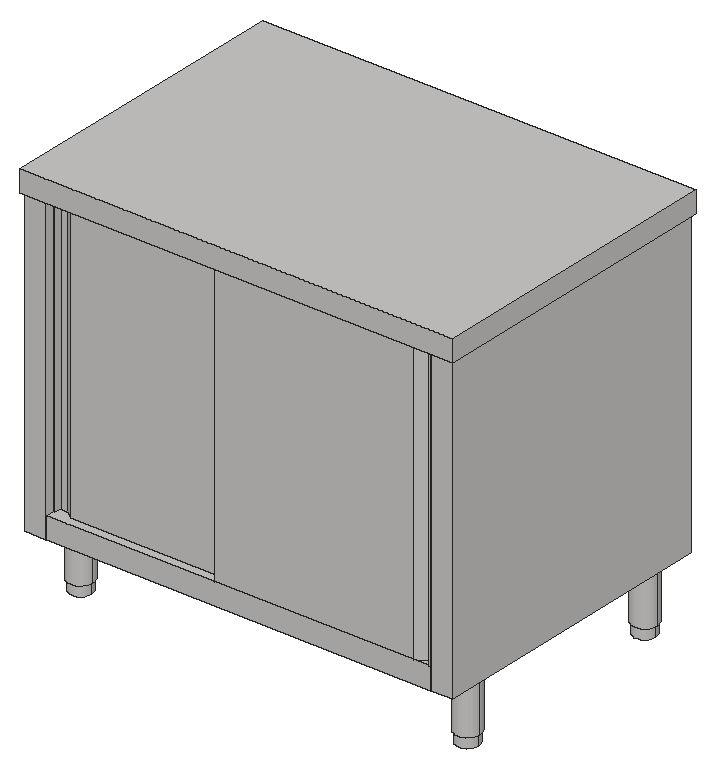
Revit family "QF_ZANUSSI_132770_MTN1000PN", category Attrezzature speciali, Revit 2020
Family settings
  Quota connettore circolare = Usa diametro
  Tipo di parte = Normale
  Basato su piano di lavoro = No
  Sempre verticale = Sì
  Taglio con vuoti quando caricato = No
  Condiviso = No
  Punto di calcolo locali = No
Parameters (values of type "Standard")
  Weight = 50.00 kg
  Watts = 0 W
  Volts = 0 V
  URL Manufacturer = "http://www.zanussiprofessional.com"
  URL = "http://www.zanussiprofessional.com"
  Steam Supply Size = 0 mm
  Steam Supply Minimum Pressure = 0.0 Pa
  Steam Supply Maximum Pressure = 0.0 Pa
  Steam Consumption per Hour = 0
  Refrigeration Suction Line Size = 0.0 mm
  Refrigeration Liquid Line Size = 0.0 mm
  Refrigerant Compressor Remote = yes
  Prospetto di default = 0.0 mm
  Produttore = "Zanussi"
  Phase = 0
  Modello = "MTN1000PN"
  Length Actual = 1000.0 mm  # constant formula
  Item Number = "132770"
  Hot Water Size = 0 mm
  Height Actual = 900.0 mm  # constant formula
  HP = "0 HP"
  Gas Size = 0 mm
  Gas KW = 0
  Gas Input Pressure = 0 W
  Direct Waste Size = 0 mm
  Descrizione = "WORKTOP CUPB.+SHELF+SLIDING DOORS 1000MM"
  Depth Actual = 700.0 mm  # constant formula
  Cycle = 0 Hz
  Condensate Return Size = 0 mm
  Compressed Air Volume = 0.0 L/s
  Compressed Air Size = 0 mm
  Compressed Air Pressure = 0.0 Pa
  Cold Water Size = 0 mm
  Accessory = yes
Reference planes
  plane 1 "Center (Front/Back)": y = 0
  plane 2: z = 0
  plane 3 "Center (Left/Right)": x = 0
  plane 4 "LEFT": x = -500
  plane 5 "RIGHT": x = 500
  plane 6 "BACK": y = 350
  plane 7 "FRONT": y = -350
  plane 8 "Base": z = 850
  plane 9 "TOP": z = 900
  plane 10: x = -446.9
  plane 11: x = 446.9
  plane 12: y = 270
  plane 13: y = -241.9
  plane 14 "BodyLeft": x = -494.5
  plane 15 "BodyFront": y = -344.5
  plane 16 "BodyRight": x = 494.5
  plane 17 "BodyBack": y = 344.5
  plane 18 "FEET": z = 150
  plane 19: x = 55.5
  plane 20: x = -55.5
Forms (mm)
  Extrusion 1, solid, material "QF_Finishes_Stainless Steel"
    sketch origin (0, 0, 0) x (0, 1, 0) y (0, 0, 1)
      loop
        line (-350, 850) -> (350, 850) -> (350, 900) -> (-350, 900) -> (-350, 850)
    from 500 to -500
  Extrusion 2, solid, material "QF_Finishes_Stainless Steel"
    sketch origin (0, 0, 150) x (-1, 0, 0) y (0, -1, 0)
      loop
        line (494.5, -344.5) -> (494.5, 344.5) -> (444.5, 344.5) -> (444.5, -344.5) -> (494.5, -344.5)
      loop
        line (-444.5, -344.5) -> (-444.5, 344.5) -> (-494.5, 344.5) -> (-494.5, -344.5) -> (-444.5, -344.5)
    from 0 to 700
  Extrusion 3, solid, material "QF_Finishes_Stainless Steel"
    sketch origin (0, 0, 150) x (-1, 0, 0) y (0, -1, 0)
      loop
        line (443.585, -344.5) -> (443.585, 344.5) -> (-444.5, 344.5) -> (-444.5, -344.5) -> (443.585, -344.5)
    from 0 to 50
  Extrusion 4, solid, material "QF_Finishes_Stainless Steel"
    sketch origin (0, 0, 150) x (-1, 0, 0) y (0, -1, 0)
      loop
        line (443.585, -344.5) -> (443.585, -294.5) -> (-444.5, -294.5) -> (-444.5, -344.5) -> (443.585, -344.5)
    from 50 to 700
  Extrusion 5, solid, material "QF_Finishes_Stainless Steel"
    sketch origin (0, 0, 150) x (-1, 0, 0) y (0, -1, 0)
      loop
        line (-444.5, 344.5) -> (-444.5, 324.5) -> (55.5, 324.5) -> (55.5, 344.5) -> (-404.5, 344.5) -> (-424.5, 329.5) -> (-439.5, 329.5) -> (-439.5, 344.5) -> (-444.5, 344.5)
    from 50 to 700
  Extrusion 6, solid, material "QF_Finishes_Stainless Steel"
    sketch origin (0, 20, 150) x (1, 0, 0) y (0, 1, 0)
      loop
        line (-444.5, -344.5) -> (-439.5, -344.5) -> (-439.5, -329.5) -> (-424.5, -329.5) -> (-404.5, -344.5) -> (55.5, -344.5) -> (55.5, -324.5) -> (-444.5, -324.5) -> (-444.5, -344.5)
    from 50 to 700
Lines and regions (mm)
  symbolic lines
    curve 1: line (500, 350, 900) -> (-500, 350, 900)
    curve 2: line (-500, 350, 900) -> (-500, -350, 900)
    curve 3: line (-500, -350, 900) -> (500, -350, 900)
    curve 4: line (500, -350, 900) -> (500, 350, 900)
  symbolic lines, style "SpecialityEquipmentHiddenLines"
    curve 5: line (-494.5, 344.5, 150) -> (494.5, 344.5, 150)
    curve 6: line (-494.5, -344.5, 150) -> (-494.5, 344.5, 150)
    curve 7: line (494.5, -344.5, 150) -> (-494.5, -344.5, 150)
    curve 8: line (494.5, 344.5, 150) -> (494.5, -344.5, 150)
    curve 9: line (-444.5, -304.5, 150) -> (55.5, -304.5, 150)
    curve 10: line (55.5, -304.5, 150) -> (55.5, -324.5, 150)
    curve 11: line (-444.5, -324.5, 150) -> (444.5, -324.5, 150)
    curve 12: line (444.5, -324.5, 150) -> (444.5, -344.5, 150)
    curve 13: line (-55.5, -324.5, 150) -> (-55.5, -344.5, 150)
    curve 14: line (-444.5, -304.5, 150) -> (-444.5, -324.5, 150)
Dimensions and locks
  plane 4 "LEFT" to plane 5 "RIGHT" = 1000.0 mm
  equal spacing: plane 4 "LEFT", plane 3 "Center (Left/Right)", plane 5 "RIGHT"
  locked: plane 8 "Base" to level at 850
  plane 9 "TOP" to level = 900.0 mm
  plane 6 "BACK" to plane 7 "FRONT" = 700.0 mm
  equal spacing: plane 6 "BACK", plane 1 "Center (Front/Back)", plane 7 "FRONT"
  locked: plane 4 "LEFT" to plane 14 "BodyLeft" at 5.5
  locked: plane 16 "BodyRight" to plane 5 "RIGHT" at 5.5
  locked: plane 15 "BodyFront" to plane 7 "FRONT" at 5.5
  locked: plane 6 "BACK" to plane 17 "BodyBack" at 5.5
  locked: plane 14 "BodyLeft" to plane 10 at 47.6
  locked: plane 11 to plane 16 "BodyRight" at 47.6
  locked: plane 13 to plane 15 "BodyFront" at 102.6
  locked: plane 17 "BodyBack" to plane 12 at 74.5
  plane 10 to plane 11 = 893.8 mm
  plane 12 to plane 13 = 511.9 mm
  locked: plane 14 "BodyLeft" to Extrusion 2 sketch curve at 50
  locked: Extrusion 2 sketch curve to Extrusion 2 sketch curve at 50
  Extrusion 3 to Extrusion 4 sketch curve = 50.0 mm
  Extrusion 2 to plane 19 = 500.0 mm
  plane 20 to Extrusion 2 = 500.0 mm
  locked: plane 18 "FEET" to level at 150
  aligned and locked: level to plane 2
  aligned and locked: plane 10 to nested 1
  aligned and locked: nested 1 to plane 13
  aligned and locked: plane 11 to nested 2
  aligned and locked: nested 2 to plane 13
  aligned and locked: plane 11 to nested 4
  aligned and locked: nested 4 to plane 12
  aligned and locked: plane 10 to nested 3
  aligned and locked: nested 3 to plane 12
  aligned and locked: Extrusion 1 to plane 4 "LEFT"
  aligned and locked: plane 5 "RIGHT" to Extrusion 1
  aligned and locked: curve 2 to plane 4 "LEFT"
  aligned and locked: plane 17 "BodyBack" to Extrusion 2 sketch curve
  aligned and locked: Extrusion 2 sketch curve to plane 15 "BodyFront"
  aligned and locked: Extrusion 2 sketch curve to plane 14 "BodyLeft"
  aligned and locked: plane 16 "BodyRight" to Extrusion 2 sketch curve
  aligned and locked: Extrusion 2 sketch curve to plane 17 "BodyBack"
  aligned and locked: plane 15 "BodyFront" to Extrusion 2 sketch curve
  aligned and locked: Extrusion 3 sketch curve to plane 17 "BodyBack"
  aligned and locked: plane 15 "BodyFront" to Extrusion 3 sketch curve
  aligned and locked: plane 8 "Base" to Extrusion 2
  aligned and locked: Extrusion 4 sketch curve to Extrusion 3
  aligned and locked: plane 8 "Base" to Extrusion 5
  aligned and locked: Extrusion 5 to Extrusion 3
  aligned and locked: Extrusion 6 sketch curve to plane 19
  aligned and locked: Extrusion 5 sketch curve to plane 20
  aligned and locked: Extrusion 1 to plane 8 "Base"
  aligned and locked: plane 9 "TOP" to Extrusion 1
  aligned and locked: curve 5 to plane 17 "BodyBack"
  aligned and locked: plane 14 "BodyLeft" to curve 6
  aligned and locked: plane 15 "BodyFront" to curve 7
  aligned and locked: plane 16 "BodyRight" to curve 8
Automatic sketch dimensions
  curve 3 to plane 7 "FRONT" = 0.0 mm
  curve 4 to plane 6 "BACK" = 0.0 mm
  Extrusion 1 sketch curve to plane 7 "FRONT" = 0.0 mm
  plane 9 "TOP" to Extrusion 1 sketch curve = 0.0 mm
  Extrusion 1 sketch curve to plane 6 "BACK" = 0.0 mm
  Extrusion 1 sketch curve to plane 8 "Base" = 0.0 mm
  Extrusion 5 sketch curve to plane 15 "BodyFront" = 0.0 mm  (x2)
  Extrusion 5 sketch curve to plane 11 = 2.4 mm
  Extrusion 5 sketch curve to Extrusion 5 sketch curve = 5.0 mm
  Extrusion 5 sketch curve to Extrusion 5 sketch curve = 15.0 mm
  Extrusion 5 sketch curve to Extrusion 5 sketch curve = 20.0 mm
  plane 15 "BodyFront" to Extrusion 5 sketch curve = 15.0 mm
  plane 15 "BodyFront" to Extrusion 5 sketch curve = 20.0 mm
  Extrusion 6 sketch curve to plane 15 "BodyFront" = 20.0 mm  (x2)
  Extrusion 6 sketch curve to plane 10 = 2.4 mm
  Extrusion 6 sketch curve to Extrusion 6 sketch curve = 5.0 mm
  Extrusion 6 sketch curve to Extrusion 6 sketch curve = 15.0 mm
  Extrusion 6 sketch curve to Extrusion 6 sketch curve = 20.0 mm  (x2)
  Extrusion 6 sketch curve to plane 15 "BodyFront" = 35.0 mm
  Extrusion 3 sketch curve to plane 11 = 2.4 mm
  plane 10 to Extrusion 3 sketch curve = 3.315 mm
  Extrusion 4 sketch curve to plane 11 = 2.4 mm
  plane 10 to Extrusion 4 sketch curve = 3.315 mm
  curve 10 to plane 19 = 0.0 mm
  curve 13 to plane 20 = 0.0 mm
  curve 11 to plane 11 = 2.4 mm
  plane 15 "BodyFront" to curve 9 = 40.0 mm
  curve 12 to curve 12 = 20.0 mm
  plane 10 to curve 14 = 2.4 mm
  curve 4 to plane 5 "RIGHT" = 0.0 mm
Nested families
  nested 1: "FEET_D58-150" at (-446.9, -241.9, 0), type "FEET_D58-150"
  nested 2: "FEET_D58-150" at (446.9, -241.9, 0), type "FEET_D58-150"
  nested 3: "FEET_D58-150" at (-446.9, 270, 0), type "FEET_D58-150"
  nested 4: "FEET_D58-150" at (446.9, 270, 0), type "FEET_D58-150"
Definition of nested family "FEET_D58-150"
  Parameters
    Default Elevation = 0.0 mm
    FEET = 150.0 mm
  Reference planes
    plane 1 "Center (Front/Back)": y = 0
    plane 2: z = 0
    plane 3 "Center (Left/Right)": x = 0
    plane 4: z = 150
  Forms (mm)
    Extrusion 1, solid
      sketch origin (0, 0, 0) x (1, 0, 0) y (0, 1, 0)
        loop
          circle (0, 0) r 25
      from 0 to 25
    Extrusion 2, solid
      sketch origin (0, 0, 0) x (1, 0, 0) y (0, 1, 0)
        loop
          circle (0.061, 0) r 29
      from 25 to 150 <- "FEET"
  Lines and regions (mm)
    symbolic lines
      curve 1: line (0, -1.503, 0) -> (0, 1.508, 0)
      curve 2: line (1.561, 0, 0) -> (-1.439, 0, 0)
  Dimensions and locks
    "FEET": plane 4 to plane 2
    aligned and locked: level to plane 2
  Automatic sketch dimensions
    plane 1 "Center (Front/Back)" to Extrusion 1 sketch curve = 0.0 mm
    Extrusion 1 sketch curve to plane 3 "Center (Left/Right)" = 0.0 mm
    plane 1 "Center (Front/Back)" to curve 2 = 0.0 mm
    curve 1 to plane 3 "Center (Left/Right)" = 0.0 mm
    curve 2 to plane 3 "Center (Left/Right)" = 1.439 mm
    plane 3 "Center (Left/Right)" to curve 2 = 1.561 mm
    plane 1 "Center (Front/Back)" to curve 1 = 1.503 mm
    curve 1 to plane 1 "Center (Front/Back)" = 1.508 mm
    plane 1 "Center (Front/Back)" to Extrusion 2 sketch curve = 0.0 mm
    plane 3 "Center (Left/Right)" to Extrusion 2 sketch curve = 0.061 mm
    radius of Extrusion 1 sketch curve = 25.0 mm
    radius of Extrusion 2 sketch curve = 29.0 mm
